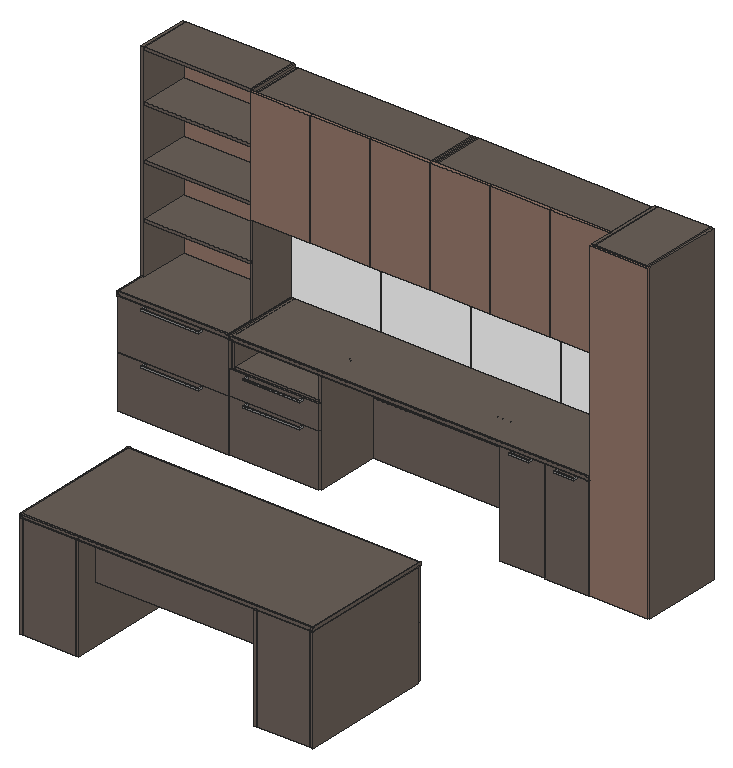
Revit family "OFS TYPICAL T100077", category Furniture, Revit 2022
Family settings
  OmniClass Number = 23.40.20.00
  OmniClass Title = General Furniture and Specialties
  Work Plane-Based = No
  Always vertical = Yes
  Cut with Voids When Loaded = No
  Render Appearance Source = Family Geometry
  Shared = No
  Room Calculation Point = No
Parameters (values of type "T100077")
  URL = "http://ofs.com/"
  Model = "T100077"
  Manufacturer = "OFS"
  Description = "OFS TYPICAL T100077"
  Default Elevation = 0' - 0"
  Copyright © = "©OFS 2024"
  Catalog = ""
  Authoring Version = "Autodesk Revit 2018"
  Assembly Code = "E2020200"
Reference planes (in)
  plane 1 "Center Front/Back": y = 0
  plane 2: z = 0
  plane 3 "Center Left/Right": x = 0
Dimensions and locks (in)
  nested 7 to plane 1 "Center Front/Back" = 9' - 0.23716"
  nested 1 to nested 4 = 8' - 0"
  aligned and locked: level to plane 2
Nested families (in)
  nested 1: "STAKS SINGLE DOOR STORAGE TOWERS" at (52.82002, 1.08365, 42.125), type "STAKS SINGLE DOOR STORAGE TOWER Right Hinged 84in"
    with Height Above Floor 3' - 6"
  nested 2: "STAKS BACK SUPPORT PANEL" at (26.53125, -4.87535, 0), type "STAKS BACK SUPPORT PANEL WITH FOLD DOWN ACCESS 54 - 30.125 X 28"
    with Width 4' - 0 1/16"
  nested 3: "STAKS BOOKCASE ORGANIZER 55H" at (-65.99248, 1.08365, 0.625), type "STAKS BOOKCASE ORGANIZER 55H 30D"
    with Height Above Floor 6' - 11 1/2"
  nested 4: "STAKS TWO-HIGH WALLMOUNT ORGANIZER WITH DOORS Three Doors" at (-26.99248, 1.08365, 0.125), type "STAKS TWO-HIGH WALLMOUNT ORGANIZER WITH DOORS Three Doors 48in W"
    with Height Above Floor 6' - 11 1/2", 2D Symbol Lines yes
  nested 5: "STAKS MODESTY PANEL - Veneer _ Wood Grain _ Frosted" at (25.88415, -101.36181, 0.625) x (-1, 0, 0) z (0, 0, 1), type "STAKS MODESTY PANEL TFL WOOD GRAIN AND TFL SOLID COLORS 47.9375-30"
  nested 6: "OFS STAKS Desk Height Media Panels - Markerboard" at (-11.9375, 0, 0), type "Desk Height Media Panel 24.5H"
    with Width 2' - 0", Total Width 2' - 0", Plus Fraction 0' - 0"
  nested 7: "STAKS BENCHING RECTANGULAR WORKSURFACES" at (-18.29608, -70.40351, 0), type "STAKS BENCHING RECTANGULAR WORKSURFACE 84 X 36"
  nested 8: "STAKS RECTANGULAR WORKSURFACES Long Grain" at (-31.49248, 1.83365, 0), type "STAKS RECTANGULAR WORKSURFACE 96 x 22"
    with Height Above Floor 2' - 5"
  nested 9: "STAKS LATERAL FILE WITH TOP Two Drawers" at (-59.91461, -20.00035, 0), type "STAKS LATERAL FILE WITH TOP Two Drawers 30in"
  nested 10: "STAKS WORKSURFACE HEIGHT PEDESTAL - BOX-BOX-FILE - NO RISER SUPPORT" at (18.04802, -88.23681, 0) x (-1, 0, 0) z (0, 0, 1), type "STAKS WORKSURFACE HEIGHT PEDESTAL - BOX-BOX-FILE - NO RISER SUPPORT 36in D"
  nested 11: "STAKS WORKSURFACE HEIGHT PEDESTAL - FILE-FILE - NO RISER SUPPORT" at (80.42352, -88.23681, 0) x (-1, 0, 0) z (0, 0, 1), type "STAKS WORKSURFACE HEIGHT PEDESTAL - FILE-FILE - NO RISER SUPPORT 36in D"
  nested 12: "STAKS WORKSURFACE HEIGHT PEDESTAL WIDE - OPEN-BOX-FILE - NO RISER SUPPORT" at (-32.97711, -20.00035, 0), type "STAKS WORKSURFACE HEIGHT PEDESTAL WIDE - OPEN-BOX-FILE - NO RISER SUPPORT 24 x 22"
  nested 13: "STAKS WORKSURFACE HEIGHT DOOR CABINET - NO RISER SUPPORT " at (39.14839, -20.00035, 0), type "STAKS WORKSURFACE HEIGHT DOOR CABINET - NO RISER SUPPORT 24 x 22"
  nested 14: "STAKS BENCHING WORKSURFACE STRAIGHTENER" at (40.60296, -14.2816, 0), type "STAKS BENCHING WORKSURFACE STRAIGHTENER 48in"
  nested 15: "STAKS TWO-HIGH WALLMOUNT ORGANIZER WITH DOORS Three Doors" at (75.11748, 1.08365, 0.125) x (-1, 0, 0) z (0, 0, 1), type "STAKS TWO-HIGH WALLMOUNT ORGANIZER WITH DOORS Three Doors 48in W"
    with Height Above Floor 6' - 11 1/2", 2D Symbol Lines yes
  nested 16: "OFS STAKS Desk Height Media Panels - Markerboard" at (12.0625, 0, 0) x (-1, 0, 0) z (0, 0, 1), type "Desk Height Media Panel 24.5H"
    with Width 2' - 0", Total Width 2' - 0", Plus Fraction 0' - 0"
  nested 17: "OFS STAKS Desk Height Media Panels - Markerboard" at (36.0625, 0, 0), type "Desk Height Media Panel 24.5H"
    with Width 2' - 0", Total Width 2' - 0", Plus Fraction 0' - 0"
  nested 18: "OFS STAKS Desk Height Media Panels - Markerboard" at (60.0625, 0, 0) x (-1, 0, 0) z (0, 0, 1), type "Desk Height Media Panel 24.5H"
    with Width 2' - 0", Total Width 2' - 0", Plus Fraction 0' - 0"
Definition of nested family "STAKS SINGLE DOOR STORAGE TOWERS"
  Parameters (values of type "STAKS SINGLE DOOR STORAGE TOWER Right Hinged 54in")
    URL = "http://www.ofs.com/"
    Right Hinged = yes
    Left Hinged = no
    Height Above Floor [instance] = 4' - 6"
    Height = 4' - 6"
    Front Doors Material = none
    Default Elevation = 0' - 0"
    Back Material = none
    Depth = 1' - 9 7/8"
    Model = "6-1654RSC1"
    Manufacturer = "OFS"
    Description = "OFS STAKS SINGLE DOOR STORAGE TOWER, Right Hinged, 54in Height, Enhance Privacy, Support Worksurfaces and Store Personal Items"
    Width = 1' - 3 5/8"
    Copyright © = "© 2018 OFS"
    Catalog = "https://ofs.com/products/casegoods/private-office/staks"
    Board Material = none
    Board Thickness = 0' - 0 3/4"
    Authoring Version = "Autodesk Revit Architecture 2013"
    Assembly Code = "E2020200"
  Types (12): name | Right Hinged | Left Hinged | Height Above Floor | Height | Model | Description
    STAKS SINGLE DOOR STORAGE TOWER Left Hinged 42in | no | yes | 3' - 6" | 3' - 6" | "6-1642LSC1" | "OFS STAKS SINGLE DOOR STORAGE TOWER, Left Hinged, 42in Height, Enhance Privacy, Support Worksurfaces and Store Personal Items"
    STAKS SINGLE DOOR STORAGE TOWER Right Hinged 42in | yes | no | 3' - 6" | 3' - 6" | "6-1642RSC1" | "OFS STAKS SINGLE DOOR STORAGE TOWER, Right Hinged, 42in Height, Enhance Privacy, Support Worksurfaces and Store Personal Items"
    STAKS SINGLE DOOR STORAGE TOWER Left Hinged 48in | no | yes | 4' - 0" | 4' - 0" | "6-1648LSC1" | "OFS STAKS SINGLE DOOR STORAGE TOWER, Left Hinged, 48in Height, Enhance Privacy, Support Worksurfaces and Store Personal Items"
    STAKS SINGLE DOOR STORAGE TOWER Left Hinged 54in | no | yes | 4' - 6" | 4' - 6" | "6-1654LSC1" | "OFS STAKS SINGLE DOOR STORAGE TOWER, Left Hinged, 54in Height, Enhance Privacy, Support Worksurfaces and Store Personal Items"
    STAKS SINGLE DOOR STORAGE TOWER Left Hinged 62.5in | no | yes | 5' - 2 1/2" | 5' - 2 1/2" | "6-1663LSC1" | "OFS STAKS SINGLE DOOR STORAGE TOWER, Left Hinged, 62.5in Height, Enhance Privacy, Support Worksurfaces and Store Personal Items"
    STAKS SINGLE DOOR STORAGE TOWER Left Hinged 72in | no | yes | 6' - 0" | 6' - 0" | "6-1672LSC1" | "OFS STAKS SINGLE DOOR STORAGE TOWER, Left Hinged, 72in Height, Enhance Privacy, Support Worksurfaces and Store Personal Items"
    STAKS SINGLE DOOR STORAGE TOWER Left Hinged 84in | no | yes | 7' - 0" | 7' - 0" | "6-1684LSC1" | "OFS STAKS SINGLE DOOR STORAGE TOWER, Left Hinged, 84in Height, Enhance Privacy, Support Worksurfaces and Store Personal Items"
    STAKS SINGLE DOOR STORAGE TOWER Right Hinged 48in | yes | no | 4' - 0" | 4' - 0" | "6-1648RSC1" | "OFS STAKS SINGLE DOOR STORAGE TOWER, Right Hinged, 48in Height, Enhance Privacy, Support Worksurfaces and Store Personal Items"
    STAKS SINGLE DOOR STORAGE TOWER Right Hinged 54in | yes | no | 4' - 6" | 4' - 6" | "6-1654RSC1" | "OFS STAKS SINGLE DOOR STORAGE TOWER, Right Hinged, 54in Height, Enhance Privacy, Support Worksurfaces and Store Personal Items"
    STAKS SINGLE DOOR STORAGE TOWER Right Hinged 62.5in | yes | no | 5' - 2 1/2" | 5' - 2 1/2" | "6-1663RSC1" | "OFS STAKS SINGLE DOOR STORAGE TOWER, Right Hinged, 62.5in Height, Enhance Privacy, Support Worksurfaces and Store Personal Items"
    STAKS SINGLE DOOR STORAGE TOWER Right Hinged 72in | yes | no | 6' - 0" | 6' - 0" | "6-1672RSC1" | "OFS STAKS SINGLE DOOR STORAGE TOWER, Right Hinged, 72in Height, Enhance Privacy, Support Worksurfaces and Store Personal Items"
    STAKS SINGLE DOOR STORAGE TOWER Right Hinged 84in | yes | no | 7' - 0" | 7' - 0" | "6-1684RSC1" | "OFS STAKS SINGLE DOOR STORAGE TOWER, Right Hinged, 84in Height, Enhance Privacy, Support Worksurfaces and Store Personal Items"
  Reference planes (in)
    plane 1: z = -0.125
    plane 2 "LEFT": x = 19.24248
    plane 3 "RIGHT": x = 34.86748
    plane 4 "BACK": y = -1.83365
    plane 5 "FRONT": y = -22.20865
    plane 6: x = 19.99248
    plane 7: x = 34.11748
    plane 8: z = -0.125
    plane 9 "SURFACE TOP": z = 53.875
    plane 10: z = 0.625
    plane 11: x = 27.05498
    plane 12: z = 53.125
    plane 13: y = -12.02115
    plane 14: y = -11.64615
    plane 15: y = -12.39615
    plane 16: x = 27.42998
    plane 17: x = 26.67998
    plane 18: y = -1.08365
    plane 19: y = -22.95865
    plane 20: x = 34.80498
    plane 21: x = 19.30498
    plane 22: x = 27.08623
    plane 23: x = 27.02373
    plane 24: z = 0.125
    plane 25: z = 53.8125
  Forms (in)
    Extrusion 1, solid, material <- "Board Material"
      sketch origin (0, 0, 53.875) x (0, 1, 0) y (-1, 0, 0)
        loop
          line (-1.83365, -19.99248) -> (-22.20865, -19.99248) -> (-22.20865, -34.11748) -> (-1.83365, -34.11748) -> (-1.83365, -19.99248)
      from -53.25 to -54
    Extrusion 2, solid, material <- "Board Material"
      sketch origin (0, 0, 53.875) x (0, 1, 0) y (-1, 0, 0)
        loop
          line (-1.08365, -19.99248) -> (-1.08365, -19.24248) -> (-22.20865, -19.24248) -> (-22.20865, -19.99248) -> (-1.08365, -19.99248)
        loop
          line (-1.08365, -34.86748) -> (-1.08365, -34.11748) -> (-22.20865, -34.11748) -> (-22.20865, -34.86748) -> (-1.08365, -34.86748)
      from 0 to -54
    Extrusion 3, solid, material <- "Board Material"
      sketch origin (0, 0, 27.375) x (0, 1, 0) y (-1, 0, 0)
        loop
          line (-1.08365, -19.99248) -> (-22.20865, -19.99248) -> (-22.20865, -34.11748) -> (-1.08365, -34.11748) -> (-1.08365, -19.99248)
      from 26.5 to 25.75
    Extrusion 4, solid, material <- "Back Material"
      sketch origin (30.99601, 21.63396, 53.875) x (0, 1, 0) y (-1, 0, 0)
        loop
          line (-22.71762, 11.00353) -> (-23.46762, 11.00353) -> (-23.46762, -3.12147) -> (-22.71762, -3.12147) -> (-22.71762, 11.00353)
      from -0.75 to -54
    Extrusion 5, solid, material <- "Front Doors Material"
      sketch origin (38.64087, -10.89295, 53.875) x (0, 1, 0) y (-1, 0, 0)
        loop
          line (-11.3157, 3.83589) -> (-11.3157, 19.33589) -> (-12.0657, 19.33589) -> (-12.0657, 3.83589) -> (-11.3157, 3.83589)
      from -0.0625 to -53.75
  Lines and regions (in)
    symbolic lines, visible <- "Left Hinged"
      curve 1: arc (34.80498, -22.95865, 53.875) -> (34.63214, -25.26693, 53.875) -> (34.11748, -27.52372, 53.875) r 15.5
      curve 2: line (19.30498, -22.95865, 53.875) -> (34.11748, -27.52372, 53.875)
    symbolic lines, visible <- "Right Hinged"
      curve 3: arc (19.30498, -22.95865, 53.875) -> (19.47782, -25.26693, 53.875) -> (19.99248, -27.52372, 53.875) r 15.5
      curve 4: line (34.80498, -22.95865, 53.875) -> (19.99248, -27.52372, 53.875)
  Dimensions and locks (in)
    "Width": plane 2 "LEFT" to plane 3 "RIGHT"
    "Height": plane 9 "SURFACE TOP" to plane 8
    "Board Thickness": plane 2 "LEFT" to plane 6
    "Board Thickness": plane 7 to plane 3 "RIGHT"
    "Height Above Floor": plane 9 "SURFACE TOP" to level
    "Board Thickness": plane 10 to plane 8
    equal spacing: plane 2 "LEFT", plane 11, plane 3 "RIGHT"
    "Board Thickness": plane 9 "SURFACE TOP" to plane 12
    equal spacing: plane 4 "BACK", plane 13, plane 5 "FRONT"
    equal spacing: plane 14, plane 13, plane 15
    "Board Thickness": plane 14 to plane 15
    equal spacing: plane 17, plane 11, plane 16
    "Board Thickness": plane 17 to plane 16
    "Depth": plane 18 to plane 19
    "Board Thickness": plane 18 to plane 4 "BACK"
    "Board Thickness": plane 5 "FRONT" to plane 19
    locked: plane 20 to plane 3 "RIGHT" at 0.0625
    locked: plane 2 "LEFT" to plane 21 at 0.0625
    plane 23 to plane 11 to plane 22 = 0' - 0 1/32" locked, 0' - 0 1/32" locked
    locked: plane 24 to plane 8 at 0.25
    locked: plane 9 "SURFACE TOP" to plane 25 at 0.0625
    aligned: level to plane 1
    aligned and locked: Extrusion 1 sketch curve to plane 4 "BACK"
    aligned and locked: Extrusion 1 sketch curve to plane 6
    aligned and locked: plane 5 "FRONT" to Extrusion 1 sketch curve
    aligned and locked: Extrusion 1 sketch curve to plane 7
    aligned and locked: Extrusion 1 to plane 8
    aligned and locked: plane 10 to Extrusion 1
    aligned and locked: Extrusion 2 sketch curve to Extrusion 1  (x2)
    aligned and locked: Extrusion 2 sketch curve to plane 5 "FRONT"
    aligned and locked: Extrusion 2 sketch curve to plane 2 "LEFT"
    aligned and locked: Extrusion 2 sketch curve to plane 3 "RIGHT"
    aligned and locked: Extrusion 1 to Extrusion 2 sketch curve
    aligned and locked: plane 9 "SURFACE TOP" to Extrusion 3
    aligned and locked: Extrusion 3 to plane 12
    aligned and locked: Extrusion 3 to plane 5 "FRONT"
    aligned and locked: Extrusion 3 to plane 6
    aligned and locked: Extrusion 3 to plane 7
    aligned and locked: Extrusion 4 to plane 4 "BACK"
    aligned and locked: plane 18 to Extrusion 4
    aligned and locked: plane 5 "FRONT" to Extrusion 5
    aligned and locked: Extrusion 5 to plane 19
    aligned and locked: Extrusion 2 to plane 18  (x2)
    aligned and locked: Extrusion 3 to plane 18
    aligned and locked: plane 12 to Extrusion 4
    aligned and locked: Extrusion 5 to plane 24
    aligned and locked: Extrusion 4 to plane 6
    aligned and locked: plane 7 to Extrusion 4
    aligned and locked: Extrusion 4 to plane 8
    aligned and locked: plane 21 to Extrusion 5
    aligned and locked: plane 25 to Extrusion 5
    aligned and locked: Extrusion 2 to plane 8
    aligned and locked: plane 20 to Extrusion 5
  Automatic sketch dimensions
    Extrusion 2 sketch curve to plane 18 = 0' - 0"  (x2)
    Extrusion 3 sketch curve to plane 5 "FRONT" = 0' - 0"
    Extrusion 3 sketch curve to plane 6 = 0' - 0"
    Extrusion 3 sketch curve to plane 18 = 0' - 0"
    Extrusion 3 sketch curve to plane 7 = 0' - 0"
    Extrusion 4 sketch curve to plane 4 "BACK" = 0' - 0"
    Extrusion 4 sketch curve to plane 6 = 0' - 0"
    Extrusion 4 sketch curve to plane 18 = 0' - 0"
    Extrusion 4 sketch curve to plane 7 = 0' - 0"
    curve 4 to plane 6 = 0' - 0"
    curve 2 to plane 7 = 0' - 0"
    curve 2 to plane 19 = 0' - 0"
    curve 4 to plane 19 = 0' - 0"
    curve 4 to plane 20 = 0' - 0"
    curve 2 to plane 21 = 0' - 0"
    curve 3 to plane 20 = 0' - 0"
    curve 1 to plane 21 = 0' - 0"
    Extrusion 5 sketch curve to plane 19 = 0' - 0"
    Extrusion 5 sketch curve to plane 5 "FRONT" = 0' - 0"
    Extrusion 5 sketch curve to plane 21 = 0' - 0"
    Extrusion 5 sketch curve to plane 20 = 0' - 0"
Definition of nested family "STAKS BACK SUPPORT PANEL"
  Parameters (values of type "STAKS BACK SUPPORT PANEL WITH FOLD DOWN ACCESS 30 - 12 X 28")
    URL = "http://www.ofs.com"
    Width [instance] = 2' - 6"
    Model = "6-28MFBD"
    Manufacturer = "OFS"
    FULL PANEL 21 = no
    FULL PANEL = no
    FOLD DOWN 54.125+ = no
    FOLD DOWN 54- = yes
    Description = "OFS STAKS BACK SUPPORT PANEL WITH FOLD DOWN ACCESS 30 - 12 X 28, Provides Support for Worksurface and Easy Access to Power and Data"
    Default Elevation = 0' - 0"
    Copyright © = "©OFS 2018"
    Catalog = "https://ofs.com/products/casegoods/private-office/staks"
    Authoring Version = "Autodesk Revit Architecture 2013"
    Assembly Code = "E2020200"
  Types (12): name | Width | Model | FULL PANEL 21 | FULL PANEL | FOLD DOWN 54.125+ | FOLD DOWN 54- | Description
    STAKS BACK SUPPORT PANEL 94 - 78.125 X 28 | 7' - 10" | "6-28MCBA" | no | yes | no | no | "OFS STAKS BACK SUPPORT PANEL 94 - 78.125 X 28, Provides Support for Worksurface"
    STAKS BACK SUPPORT PANEL 78 - 54.125 X 28 | 6' - 6" | "6-28MCBB" | no | yes | no | no | "OFS STAKS BACK SUPPORT PANEL 78 - 54.125 X 28, Provides Support for Worksurface"
    STAKS BACK SUPPORT PANEL 54 - 30.125 X 28 | 4' - 6" | "6-28MCBC" | no | yes | no | no | "OFS STAKS BACK SUPPORT PANEL 54 - 30.125 X 28, Provides Support for Worksurface"
    STAKS BACK SUPPORT PANEL 30 - 12 X 28 | 2' - 6" | "6-28MCBD" | no | yes | no | no | "OFS STAKS BACK SUPPORT PANEL 30 - 12 X 28, Provides Support for Worksurface"
    STAKS BACK SUPPORT PANEL WITH FOLD DOWN ACCESS 94 - 78.125 X 28 | 7' - 10" | "6-28MFBA" | no | no | yes | no | "OFS STAKS BACK SUPPORT PANEL WITH FOLD DOWN ACCESS 94 - 78.125 X 28, Provides Support for Worksurface and Easy Access to Power and Data"
    STAKS BACK SUPPORT PANEL WITH FOLD DOWN ACCESS 78 - 54.125 X 28 | 6' - 6" | "6-28MFBB" | no | no | yes | no | "OFS STAKS BACK SUPPORT PANEL WITH FOLD DOWN ACCESS 78 - 54.125 X 28, Provides Support for Worksurface and Easy Access to Power and Data"
    STAKS BACK SUPPORT PANEL WITH FOLD DOWN ACCESS 54 - 30.125 X 28 | 4' - 6" | "6-28MFBC" | no | no | no | yes | "OFS STAKS BACK SUPPORT PANEL WITH FOLD DOWN ACCESS 54 - 30.125 X 28, Provides Support for Worksurface and Easy Access to Power and Data"
    STAKS BACK SUPPORT PANEL WITH FOLD DOWN ACCESS 30 - 12 X 28 | 2' - 6" | "6-28MFBD" | no | no | no | yes | "OFS STAKS BACK SUPPORT PANEL WITH FOLD DOWN ACCESS 30 - 12 X 28, Provides Support for Worksurface and Easy Access to Power and Data"
    STAKS BACK SUPPORT PANEL 30 - 12 X 21 | 2' - 6" | "6-21MCBD" | yes | no | no | no | "OFS STAKS BACK SUPPORT PANEL 30 - 12 X 21, Provides Support for Worksurface"
    STAKS BACK SUPPORT PANEL 54 - 30.125 X 21 | 4' - 6" | "6-21MCBC" | yes | no | no | no | "OFS STAKS BACK SUPPORT PANEL 54 - 30.125 X 21, Provides Support for Worksurface"
    STAKS BACK SUPPORT PANEL 78 - 54.125 X 21 | 6' - 6" | "6-21MCBB" | yes | no | no | no | "OFS STAKS BACK SUPPORT PANEL 78 - 54.125 X 21, Provides Support for Worksurface"
    STAKS BACK SUPPORT PANEL 94 - 78.125 X 21 | 7' - 10" | "6-21MCBA" | yes | no | no | no | "OFS STAKS BACK SUPPORT PANEL 94 - 78.125 X 21, Provides Support for Worksurface"
  Reference planes (in)
    plane 1: z = 0
    plane 2 "Back": y = 1.62535
    plane 3 "PANEL Top": z = 27.375
    plane 4 "RIGHT": x = -2.5
    plane 5: y = 0.62535
    plane 6: x = 12.5
    plane 7: x = -17.5
    plane 8: z = 27.25
    plane 9: y = 0.87535
    plane 10: x = -16.75
    plane 11: x = 11.75
    plane 12: x = -2.4375
    plane 13: x = -2.5625
    plane 14: z = 20.375
    plane 15: z = 20.25
  Forms (in)
    Extrusion 1, solid, visible <- "FULL PANEL"
      sketch origin (-5.5, 5, -0.18015) x (0, 1, 0) y (0, 0, 1)
        loop
          line (-4.37465, 27.43015) -> (-4.37465, 0.18015) -> (-3.37465, 0.18015) -> (-3.37465, 27.43015) -> (-4.37465, 27.43015)
      from -12 to 18
    Extrusion 2, solid, visible <- "FULL PANEL"
      sketch origin (0, 0, 27.375) x (-1, 0, 0) y (0, -1, 0)
        loop
          line (17.5, -1.50035) -> (17.5, -0.62535) -> (-12.5, -0.62535) -> (-12.5, -1.50035) -> (17.5, -1.50035)
      from -0.125 to 0
    Extrusion 3, solid, visible <- "FOLD DOWN 54-"
      sketch origin (-5.5, 3.5, -0.18015) x (0, 1, 0) y (0, 0, 1)
        loop
          line (-2.62465, 14.68015) -> (-2.62465, 0.18015) -> (-1.87465, 0.18015) -> (-1.87465, 14.68015) -> (-2.62465, 14.68015)
      from -12 to 18
    Extrusion 4, solid, visible <- "FOLD DOWN 54-"
      sketch origin (0, 0, 27.375) x (-1, 0, 0) y (0, -1, 0)
        loop
          line (17.5, -1.62535) -> (16.75, -1.62535) -> (16.75, -4.87535) -> (17.5, -4.87535) -> (17.5, -1.62535)
      from -27.375 to 0
    Extrusion 5, solid, visible <- "FOLD DOWN 54-"
      sketch origin (19.75, 0, 27.375) x (-1, 0, 0) y (0, -1, 0)
        loop
          line (8, -1.62535) -> (7.25, -1.62535) -> (7.25, -4.87535) -> (8, -4.87535) -> (8, -1.62535)
      from -27.375 to 0
    Extrusion 6, solid, visible <- "FOLD DOWN 54-"
      sketch origin (-5.5, 3.5, 14.94485) x (0, 1, 0) y (0, 0, 1)
        loop
          line (-2.62465, 11.86765) -> (-2.62465, -0.31866) -> (-1.87465, -0.31866) -> (-1.87465, 11.86765) -> (-2.62465, 11.86765)
      from -12 to 18
    Extrusion 7, solid, visible <- "FOLD DOWN 54-"
      sketch origin (-12, 0, 0) x (0, 1, 0) y (0, 0, 1)
        loop
          line (3.06285, 23.8125) -> (3.06285, 21.3125) -> (3.81285, 21.3125) -> (3.81285, 23.8125) -> (3.06285, 23.8125)
      from -4.75 to 23.75
    Extrusion 8, solid, visible <- "FOLD DOWN 54.125+"
      sketch origin (31.33195, -1.24965, 0) x (1, 0, 0) y (0, 0, 1)
        loop
          line (-33.34745, 27.375) -> (-34.97245, 27.375)
          arc (-34.97245, 27.375) -> (-35.10503, 27.32008) -> (-35.15995, 27.1875) r 0.1875
          line (-35.15995, 27.1875) -> (-35.15995, 26.4375) -> (-34.68651, 23.65604)
          arc (-34.68651, 23.65604) -> (-34.62261, 23.54423) -> (-34.50166, 23.5) r 0.1875
          line (-34.50166, 23.5) -> (-33.81823, 23.5)
          arc (-33.81823, 23.5) -> (-33.69728, 23.54423) -> (-33.63339, 23.65604) r 0.1875
          line (-33.63339, 23.65604) -> (-33.15995, 26.4375) -> (-33.15995, 27.1875)
          arc (-33.15995, 27.1875) -> (-33.21486, 27.32008) -> (-33.34745, 27.375) r 0.1875
      from -5.375 to -5.281
    Extrusion 9, solid, visible <- "FOLD DOWN 54.125+"
      sketch origin (31.33195, 0, 27.375) x (-1, 0, 0) y (0, -1, 0)
        loop
          line (33.78495, -4.03135) -> (34.53495, -4.03135) -> (34.53495, 8.71865) -> (33.78495, 8.71865) -> (33.78495, -4.03135)
      from -0.094 to 0
    Extrusion 10, solid, visible <- "FOLD DOWN 54.125+"
      sketch origin (-2.547, 5.375, 0) x (0, 1, 0) y (0, 0, 1)
        loop
          line (-14.09365, 27.281) -> (-14.09365, 26.95909)
          arc (-14.09365, 26.95909) -> (-14.0421, 26.82996) -> (-13.9158, 26.77184) r 0.1875
          line (-13.9158, 26.77184) -> (-2.68889, 26.19362) -> (-1.84365, 24.381) -> (-1.34365, 24.381) -> (-1.34365, 27.281) -> (-14.09365, 27.281)
      from 0 to 0.094
    Extrusion 11, solid, visible <- "FOLD DOWN 54.125+"
      sketch origin (0.75035, 21.62535, 27.375) x (0, -1, 0) y (1, 0, 0)
        loop
          line (17.5, -1.62535) -> (16.75, -1.62535) -> (16.75, -4.87535) -> (17.5, -4.87535) -> (17.5, -1.62535)
      from -27.375 to 0
    Extrusion 12, solid, visible <- "FOLD DOWN 54.125+"
      sketch origin (-12, -1, 0) x (0, 1, 0) y (0, 0, 1)
        loop
          line (4.06285, 23.8125) -> (4.06285, 21.3125) -> (4.81285, 21.3125) -> (4.81285, 23.8125) -> (4.06285, 23.8125)
      from -4.75 to 23.75
    Extrusion 13, solid, visible <- "FOLD DOWN 54.125+"
      sketch origin (3, -1, 0) x (0, 1, 0) y (0, 0, 1)
        loop
          line (4.06285, 23.8125) -> (4.06285, 21.3125) -> (4.81285, 21.3125) -> (4.81285, 23.8125) -> (4.06285, 23.8125)
      from -5.125 to 8.75
    Extrusion 14, solid, visible <- "FOLD DOWN 54.125+"
      sketch origin (14.625, 0, 15.375) x (-1, 0, 0) y (0, -1, 0)
        loop
          line (17.5, -1.62535) -> (16.75, -1.62535) -> (16.75, -4.12535) -> (17.5, -4.12535) -> (17.5, -1.62535)
      from -15.375 to -2
    Extrusion 15, solid, visible <- "FOLD DOWN 54.125+"
      sketch origin (-5.5, 2.25, 14.94485) x (0, 1, 0) y (0, 0, 1)
        loop
          line (-1.37465, 11.86765) -> (-1.37465, -0.31866) -> (-0.62465, -0.31866) -> (-0.62465, 11.86765) -> (-1.37465, 11.86765)
      from 3.0625 to 18
    Extrusion 16, solid, visible <- "FOLD DOWN 54.125+"
      sketch origin (-21.5, 2.25, 14.94485) x (0, 1, 0) y (0, 0, 1)
        loop
          line (-1.37465, 11.86765) -> (-1.37465, -0.31866) -> (-0.62465, -0.31866) -> (-0.62465, 11.86765) -> (-1.37465, 11.86765)
      from 4 to 18.9375
    Extrusion 17, solid, visible <- "FOLD DOWN 54.125+"
      sketch origin (-5.5, -3.75, -0.18015) x (0, 1, 0) y (0, 0, 1)
        loop
          line (4.62535, 14.68015) -> (4.62535, 0.18015) -> (5.37535, 0.18015) -> (5.37535, 14.68015) -> (4.62535, 14.68015)
      from -12 to 18
    Extrusion 18, solid, visible <- "FOLD DOWN 54.125+"
      sketch origin (23.42705, 0, 27.375) x (-1, 0, 0) y (0, -1, 0)
        loop
          line (11.67705, -1.62535) -> (10.92705, -1.62535) -> (10.92705, -4.87535) -> (11.67705, -4.87535) -> (11.67705, -1.62535)
      from -27.375 to 0
    Extrusion 19, solid, visible <- "FOLD DOWN 54.125+"
      sketch origin (2.62389, 0, 27.375) x (-1, 0, 0) y (0, -1, 0)
        loop
          line (20.12389, -1.62535) -> (19.37389, -1.62535) -> (19.37389, -4.87535) -> (20.12389, -4.87535) -> (20.12389, -1.62535)
      from -27.375 to 0
    Extrusion 20, solid, visible <- "FOLD DOWN 54.125+"
      sketch origin (0, 0, 27.375) x (-1, 0, 0) y (0, -1, 0)
        loop
          line (2.875, -1.62535) -> (2.125, -1.62535) -> (2.125, -3.12535) -> (2.875, -3.12535) -> (2.875, -1.62535)
      from -14 to -12
    Extrusion 21, solid, visible <- "FOLD DOWN 54.125+"
      sketch origin (0, 0, 27.375) x (-1, 0, 0) y (0, -1, 0)
        loop
          line (2.125, -4.12535) -> (2.875, -4.12535) -> (2.875, -1.62535) -> (2.125, -1.62535) -> (2.125, -4.12535)
      from -12 to -3.5625
    Extrusion 22, solid, visible <- "FULL PANEL 21"
      sketch origin (-5.5, 5, -0.18015) x (0, 1, 0) y (0, 0, 1)
        loop
          line (-4.37465, 20.43015) -> (-4.37465, 0.18015) -> (-3.37465, 0.18015) -> (-3.37465, 20.43015) -> (-4.37465, 20.43015)
      from -12 to 18
    Extrusion 23, solid, visible <- "FULL PANEL 21"
      sketch origin (0, 0, 27.375) x (-1, 0, 0) y (0, -1, 0)
        loop
          line (17.5, -1.50035) -> (17.5, -0.62535) -> (-12.5, -0.62535) -> (-12.5, -1.50035) -> (17.5, -1.50035)
      from -7.125 to -7
  Cuts and joins
    joined: Extrusion 9, Extrusion 10
    joined: Extrusion 14, Extrusion 20, Extrusion 21
  Lines and regions (in)
    Masking region 1, visible <- "FULL PANEL"
      outline origin (-5.5, 0, 0) x (1, 0, 0) y (0, 1, 0)
        loop
          line (-12, 1.62535) -> (-12, 0.62535) -> (18, 0.62535) -> (18, 1.62535) -> (-12, 1.62535)
    Masking region 2, visible <- "FOLD DOWN 54-"
      outline origin (-5.5, -2.25, 0) x (1, 0, 0) y (0, 1, 0)
        loop
          line (-12, 3.87535) -> (-12, 3.12535) -> (18, 3.12535) -> (18, 3.87535) -> (-12, 3.87535)
    Masking region 3, visible <- "FOLD DOWN 54-"
      outline origin (0, 0, 27.375) x (-1, 0, 0) y (0, -1, 0)
        loop
          line (17.5, -1.62535) -> (16.75, -1.62535) -> (16.75, -4.87535) -> (17.5, -4.87535) -> (17.5, -1.62535)
    Masking region 4, visible <- "FOLD DOWN 54-"
      outline origin (0, 0, 27.375) x (-1, 0, 0) y (0, -1, 0)
        loop
          line (-11.75, -1.62535) -> (-12.5, -1.62535) -> (-12.5, -4.87535) -> (-11.75, -4.87535) -> (-11.75, -1.62535)
    Masking region 5, visible <- "FOLD DOWN 54-"
      outline origin (0, 0, 27.375) x (-1, 0, 0) y (0, -1, 0)
        loop
          line (16.75, -3.81285) -> (16.75, -3.06285) -> (-11.75, -3.06285) -> (-11.75, -3.81285) -> (16.75, -3.81285)
    Masking region 6, visible <- "FOLD DOWN 54.125+"
      outline origin (0.75035, 21.62535, 27.375) x (0, -1, 0) y (1, 0, 0)
        loop
          line (17.5, -1.62535) -> (16.75, -1.62535) -> (16.75, -4.87535) -> (17.5, -4.87535) -> (17.5, -1.62535)
    Masking region 7, visible <- "FOLD DOWN 54.125+"
      outline origin (0, -1, 27.375) x (-1, 0, 0) y (0, -1, 0)
        loop
          line (16.75, -4.81285) -> (16.75, -4.06285) -> (3.203, -4.06285) -> (3.203, -4.81285) -> (16.75, -4.81285)
    Masking region 8, visible <- "FOLD DOWN 54.125+"
      outline origin (15, -1, 27.375) x (-1, 0, 0) y (0, -1, 0)
        loop
          line (17.125, -4.81285) -> (17.125, -4.06285) -> (3.25, -4.06285) -> (3.25, -4.81285) -> (17.125, -4.81285)
    Masking region 9, visible <- "FOLD DOWN 54.125+"
      outline origin (3.67705, 0, 27.375) x (-1, 0, 0) y (0, -1, 0)
        loop
          line (-8.07295, -1.62535) -> (-8.82295, -1.62535) -> (-8.82295, -4.87535) -> (-8.07295, -4.87535) -> (-8.07295, -1.62535)
    Masking region 10, visible <- "FOLD DOWN 54.125+"
      outline origin (1.37389, 0, 27.375) x (-1, 0, 0) y (0, -1, 0)
        loop
          line (18.87389, -1.62535) -> (18.12389, -1.62535) -> (18.12389, -4.87535) -> (18.87389, -4.87535) -> (18.87389, -1.62535)
    Masking region 11, visible <- "FOLD DOWN 54.125+"
      outline origin (0, 0, 27.375) x (-1, 0, 0) y (0, -1, 0)
        loop
          line (2.125, -4.12535) -> (2.453, -4.12535) -> (2.453, -1.62535) -> (2.125, -1.62535) -> (2.125, -4.12535)
    Masking region 12, visible <- "FOLD DOWN 54.125+"
      outline origin (0, 0, 27.375) x (-1, 0, 0) y (0, -1, 0)
        loop
          line (3.828, -4.12535) -> (3.828, -4.03135) -> (3.203, -4.03135) -> (3.203, 8.71865) -> (2.453, 8.71865) -> (2.453, -4.03135) -> (1.828, -4.03135) -> (1.828, -4.12535) -> (3.828, -4.12535)
    Masking region 13, visible <- "FOLD DOWN 54.125+"
      outline origin (-5.5, -10.25, 0) x (1, 0, 0) y (0, 1, 0)
        loop
          line (-12, 11.87535) -> (-12, 11.12535) -> (18, 11.12535) -> (18, 11.87535) -> (-12, 11.87535)
  Dimensions and locks (in)
    locked: plane 3 "PANEL Top" to plane 1 at 27.375
    locked: plane 5 to plane 2 "Back" at 1
    equal spacing: plane 7, plane 4 "RIGHT", plane 6
    "Width": plane 7 to plane 6
    locked: plane 9 to plane 2 "Back" at 0.75
    locked: plane 2 "Back" to Extrusion 4 at 3.25
    locked: Extrusion 3 to plane 1 at 14.5
    locked: Extrusion 6 to Extrusion 3 at 0.12619
    locked: Extrusion 6 to Extrusion 6 at 12.18631
    locked: plane 7 to plane 10 at 0.75
    locked: plane 11 to plane 6 at 0.75
    locked: plane 3 "PANEL Top" to Extrusion 7 at 3.5625
    locked: Extrusion 7 to Extrusion 7 at 0.75
    locked: Extrusion 4 to Extrusion 7 at 1.0625
    Extrusion 11 to plane 4 "RIGHT" to Extrusion 11 = 0' - 1 5/8" locked, 0' - 1 5/8" locked
    locked: Extrusion 12 to Extrusion 12 at 0.75
    locked: Extrusion 13 to Extrusion 13 at 0.75
    locked: plane 13 to plane 4 "RIGHT" at 0.0625
    locked: plane 4 "RIGHT" to plane 12 at 0.0625
    locked: Extrusion 16 to Extrusion 16 at 12.18631
    locked: Extrusion 8 to Extrusion 8 at 0.094
    locked: Extrusion 11 to Extrusion 8 at 0.297
    locked: Extrusion 8 to Extrusion 11 at 0.953
    cut or joined group of Extrusion 9, Extrusion 10 to plane 4 "RIGHT" to cut or joined group of Extrusion 9, Extrusion 10 = 0' - 0.047" locked, 0' - 0.047" locked
    locked: cut or joined group of Extrusion 9, Extrusion 10 to cut or joined group of Extrusion 9, Extrusion 10 at 0.75
    Extrusion 14 to plane 4 "RIGHT" to Extrusion 14 = 0' - 0 3/8" locked, 0' - 0 3/8" locked
    locked: cut or joined group of Extrusion 9, Extrusion 10 to Extrusion 8 at 12.75
    plane 7 to plane 4 "RIGHT" to plane 6 = 1' - 3", 1' - 3"
    aligned and locked: level to plane 1
    aligned and locked: plane 5 to Extrusion 1
    aligned and locked: plane 5 to Masking region 1
    aligned and locked: Masking region 1 to plane 2 "Back"
    aligned and locked: Extrusion 1 to plane 2 "Back"
    aligned and locked: plane 6 to Masking region 1
    aligned and locked: plane 6 to Extrusion 1
    aligned and locked: Extrusion 1 to plane 7
    aligned and locked: Masking region 1 to plane 7
    aligned: plane 3 "PANEL Top" to Extrusion 1
    aligned and locked: plane 8 to Extrusion 1
    aligned and locked: Extrusion 2 to plane 8
    aligned and locked: plane 3 "PANEL Top" to Extrusion 2
    aligned and locked: plane 5 to Extrusion 2 sketch curve
    aligned and locked: plane 6 to Extrusion 2 sketch curve
    aligned and locked: Extrusion 2 sketch curve to plane 7
    aligned and locked: Extrusion 3 to plane 7
    aligned and locked: Masking region 2 to plane 7
    aligned and locked: plane 6 to Extrusion 3
    aligned and locked: plane 6 to Masking region 2
    aligned and locked: Extrusion 3 to plane 2 "Back"
    aligned and locked: plane 9 to Extrusion 3
    aligned and locked: Masking region 2 to plane 2 "Back"
    aligned and locked: plane 9 to Masking region 2
    aligned and locked: plane 10 to Extrusion 4 sketch curve
    aligned and locked: Extrusion 4 sketch curve to plane 7
    aligned and locked: plane 2 "Back" to Extrusion 4
    aligned and locked: plane 2 "Back" to Extrusion 5
    aligned and locked: plane 6 to Extrusion 5 sketch curve
    aligned and locked: Extrusion 5 sketch curve to plane 11
    aligned and locked: plane 2 "Back" to Extrusion 5 sketch curve
    aligned and locked: Extrusion 5 sketch curve to Extrusion 4
    aligned and locked: Extrusion 4 to plane 1
    aligned and locked: plane 3 "PANEL Top" to Extrusion 4
    aligned and locked: Extrusion 5 to plane 1
    aligned and locked: plane 3 "PANEL Top" to Extrusion 5
    aligned and locked: Extrusion 6 to plane 7
    aligned and locked: plane 6 to Extrusion 6
    aligned and locked: Extrusion 7 to plane 10
    aligned and locked: plane 11 to Extrusion 7
    aligned and locked: Extrusion 9 sketch curve to Extrusion 8
    aligned and locked: plane 3 "PANEL Top" to Extrusion 9
    aligned and locked: Extrusion 10 to Extrusion 9
    aligned and locked: Extrusion 12 to plane 10
    aligned and locked: plane 10 to Extrusion 12
    aligned and locked: Extrusion 12 to Extrusion 7
    aligned and locked: Extrusion 12 to Masking region 7
    aligned and locked: Masking region 7 to Extrusion 12
    aligned and locked: plane 11 to Extrusion 13
    aligned and locked: plane 11 to Masking region 8
    aligned and locked: Extrusion 13 to Extrusion 7
    aligned and locked: Extrusion 13 to Masking region 8
    aligned and locked: Masking region 8 to Extrusion 13
    aligned and locked: Extrusion 14 to Extrusion 11
    aligned and locked: plane 2 "Back" to Extrusion 14
    aligned and locked: Extrusion 14 to plane 1
    aligned and locked: plane 6 to Extrusion 15
    aligned and locked: Extrusion 15 to plane 12
    aligned and locked: plane 13 to Extrusion 16
    aligned and locked: Extrusion 16 to plane 7
    aligned and locked: Extrusion 16 to plane 2 "Back"
    aligned and locked: Extrusion 15 to plane 2 "Back"
    aligned and locked: plane 9 to Extrusion 16
    aligned and locked: plane 9 to Extrusion 15
    aligned and locked: Extrusion 17 to plane 7
    aligned and locked: plane 6 to Extrusion 17
    aligned and locked: Extrusion 17 to plane 2 "Back"
    aligned and locked: plane 9 to Extrusion 17
    aligned and locked: plane 2 "Back" to Extrusion 18  (x2)
    aligned and locked: plane 2 "Back" to Masking region 9
    aligned and locked: Extrusion 18 to plane 11
    aligned and locked: Masking region 9 to plane 11
    aligned and locked: plane 6 to Extrusion 18
    aligned and locked: plane 6 to Masking region 9
    aligned and locked: Extrusion 6 to plane 2 "Back"
    aligned and locked: plane 2 "Back" to Extrusion 19
    aligned and locked: Masking region 10 to plane 7
    aligned and locked: plane 10 to Masking region 10
    aligned and locked: Extrusion 19 to plane 7
    aligned and locked: plane 10 to Extrusion 19
    aligned and locked: Extrusion 8 to Extrusion 11
    aligned: cut or joined group of Extrusion 9, Extrusion 10 to cut or joined group of Extrusion 9, Extrusion 10
    aligned and locked: Extrusion 15 to Extrusion 16
    aligned and locked: Extrusion 16 to Extrusion 15
    aligned and locked: Extrusion 20 to Extrusion 14
    aligned and locked: Extrusion 21 to Extrusion 20
    aligned and locked: Extrusion 21 to Extrusion 12
    aligned and locked: Masking region 11 to cut or joined group of Extrusion 9, Extrusion 10
    aligned and locked: Extrusion 13 to cut or joined group of Extrusion 14, Extrusion 20, Extrusion 21
    aligned and locked: plane 11 to Extrusion 12
    aligned and locked: cut or joined group of Extrusion 14, Extrusion 20, Extrusion 21 to cut or joined group of Extrusion 14, Extrusion 20, Extrusion 21  (x2)
    aligned and locked: Masking region 13 to plane 7
    aligned and locked: plane 6 to Masking region 13
    aligned and locked: Masking region 13 to plane 2 "Back"
    aligned and locked: plane 9 to Masking region 13
    aligned and locked: Masking region 8 to Masking region 11
    aligned and locked: Masking region 7 to Masking region 12
    aligned and locked: plane 15 to Extrusion 22
    aligned and locked: Extrusion 23 to plane 15
    aligned and locked: plane 14 to Extrusion 23
  Automatic sketch dimensions
    Extrusion 1 sketch curve to plane 5 = 0' - 0"
    Extrusion 1 sketch curve to level = 0' - 0"
    Extrusion 1 sketch curve to plane 2 "Back" = 0' - 0"
    Extrusion 1 sketch curve to plane 8 = 0' - 0"
    plane 5 to Masking region 1 sketch curve = 0' - 0"
    Masking region 1 sketch curve to plane 7 = 0' - 0"
    plane 2 "Back" to Masking region 1 sketch curve = 0' - 0"
    Masking region 1 sketch curve to plane 6 = 0' - 0"
    plane 2 "Back" to Extrusion 2 sketch curve = 0' - 0 1/8"
    Masking region 2 sketch curve to plane 7 = 0' - 0"
    plane 2 "Back" to Masking region 2 sketch curve = 0' - 0"
    Masking region 2 sketch curve to plane 6 = 0' - 0"
    plane 9 to Masking region 2 sketch curve = 0' - 0"
    Extrusion 3 sketch curve to plane 9 = 0' - 0"
    Extrusion 3 sketch curve to level = 0' - 0"
    Extrusion 3 sketch curve to plane 2 "Back" = 0' - 0"
    Extrusion 3 sketch curve to plane 8 = 1' - 0 3/4"
    plane 2 "Back" to Extrusion 4 sketch curve = 0' - 0"
    Extrusion 4 sketch curve to Extrusion 4 sketch curve = 0' - 3 1/4"
    Extrusion 6 sketch curve to plane 9 = 0' - 0"
    Extrusion 6 sketch curve to plane 2 "Back" = 0' - 0"
    Extrusion 6 sketch curve to plane 8 = 1' - 0.62381"
    Extrusion 6 sketch curve to plane 8 = 0' - 0 7/16"
    plane 2 "Back" to Masking region 3 sketch curve = 0' - 0"
    Masking region 3 sketch curve to plane 10 = 0' - 0"
    Masking region 3 sketch curve to plane 7 = 0' - 0"
    Masking region 3 sketch curve to Masking region 3 sketch curve = 0' - 3 1/4"
    plane 2 "Back" to Masking region 4 sketch curve = 0' - 0"
    Masking region 4 sketch curve to plane 6 = 0' - 0"
    Masking region 4 sketch curve to plane 11 = 0' - 0"
    Masking region 4 sketch curve to plane 2 "Back" = 0' - 3 1/4"
    Extrusion 7 sketch curve to plane 2 "Back" = 0' - 1 7/16"
    Extrusion 7 sketch curve to Extrusion 7 sketch curve = 0' - 0 3/4"
    Extrusion 7 sketch curve to plane 8 = 0' - 5 15/16"
    Extrusion 7 sketch curve to Extrusion 7 sketch curve = 0' - 2 1/2"
    Masking region 5 sketch curve to plane 11 = 0' - 0"
    Masking region 5 sketch curve to plane 10 = 0' - 0"
    Masking region 5 sketch curve to plane 2 "Back" = 0' - 2 3/16"
    Masking region 5 sketch curve to Masking region 5 sketch curve = 0' - 0 3/4"
    Extrusion 8 sketch curve to plane 3 "PANEL Top" = 0' - 0"
    Extrusion 8 sketch curve to plane 13 = 0' - 1.2655"
    Extrusion 8 sketch curve to Extrusion 8 sketch curve = 0' - 0 3/16"
    Extrusion 8 sketch curve to plane 13 = 0' - 0.79206"
    Extrusion 8 sketch curve to Extrusion 8 sketch curve = 0' - 0.18484"
    plane 4 "RIGHT" to Extrusion 8 sketch curve = 0' - 0.01372"
    plane 12 to Extrusion 8 sketch curve = 0' - 0.13606"
    plane 12 to Extrusion 8 sketch curve = 0' - 0.422"
    Extrusion 8 sketch curve to plane 8 = 0' - 0 1/16"
    Extrusion 8 sketch curve to Extrusion 8 sketch curve = 0' - 0 3/4"  (x2)
    Extrusion 8 sketch curve to Extrusion 8 sketch curve = 0' - 2 3/4"
    Extrusion 8 sketch curve to Extrusion 8 sketch curve = 0' - 0"
    Extrusion 8 sketch curve to Extrusion 8 sketch curve = 0' - 0.03146"
    Extrusion 9 sketch curve to plane 12 = 0' - 0.0155"
    Extrusion 9 sketch curve to plane 13 = 0' - 0.6405"
    plane 5 to Extrusion 9 sketch curve = 0' - 9.344"
    Extrusion 10 sketch curve to plane 8 = 0' - 0.29091"
    plane 5 to Extrusion 10 sketch curve = 0' - 9.344"
    Extrusion 10 sketch curve to plane 8 = 0' - 0.47816"
    Extrusion 10 sketch curve to Extrusion 10 sketch curve = 0' - 0.17786"
    Extrusion 10 sketch curve to plane 2 "Back" = 0' - 1.06076"
    Extrusion 10 sketch curve to plane 2 "Back" = 0' - 1.906"
    Extrusion 10 sketch curve to Extrusion 10 sketch curve = 0' - 0 1/2"
    Extrusion 10 sketch curve to plane 8 = 0' - 1.05638"
    Extrusion 10 sketch curve to Extrusion 10 sketch curve = 0' - 1.81262"
    plane 8 to Extrusion 10 sketch curve = 0' - 0.031"
    plane 12 to Extrusion 11 sketch curve = 0' - 1 9/16"
    Extrusion 11 sketch curve to plane 2 "Back" = 0' - 3 1/4"
    Extrusion 11 sketch curve to Extrusion 11 sketch curve = 0' - 0 3/4"
    Extrusion 11 sketch curve to plane 13 = 0' - 1 9/16"
    plane 12 to Masking region 6 sketch curve = 0' - 1 9/16"
    Masking region 6 sketch curve to plane 2 "Back" = 0' - 3 1/4"
    Masking region 6 sketch curve to Masking region 6 sketch curve = 0' - 0 3/4"
    Masking region 6 sketch curve to plane 13 = 0' - 1 9/16"
    Extrusion 12 sketch curve to plane 2 "Back" = 0' - 1 7/16"
    Extrusion 12 sketch curve to Extrusion 12 sketch curve = 0' - 0 3/4"
    Extrusion 12 sketch curve to plane 8 = 0' - 5 15/16"
    Extrusion 12 sketch curve to Extrusion 12 sketch curve = 0' - 2 1/2"
    Masking region 7 sketch curve to plane 10 = 0' - 0"
    Masking region 7 sketch curve to plane 13 = 0' - 0.6405"
    Masking region 7 sketch curve to plane 2 "Back" = 0' - 2 3/16"
    Masking region 7 sketch curve to Masking region 7 sketch curve = 0' - 0 3/4"
    Extrusion 13 sketch curve to plane 2 "Back" = 0' - 1 7/16"
    Extrusion 13 sketch curve to Extrusion 13 sketch curve = 0' - 0 3/4"
    Extrusion 13 sketch curve to plane 8 = 0' - 5 15/16"
    Extrusion 13 sketch curve to Extrusion 13 sketch curve = 0' - 2 1/2"
    Masking region 8 sketch curve to plane 11 = 0' - 0"
    plane 12 to Masking region 8 sketch curve = 0' - 0 5/16"
    Masking region 8 sketch curve to plane 2 "Back" = 0' - 2 3/16"
    Masking region 8 sketch curve to Masking region 8 sketch curve = 0' - 0 3/4"
    plane 2 "Back" to Extrusion 14 sketch curve = 0' - 0"
    plane 12 to Extrusion 14 sketch curve = 0' - 0 5/16"
    Extrusion 14 sketch curve to plane 13 = 0' - 0 5/16"
    Extrusion 14 sketch curve to Extrusion 14 sketch curve = 0' - 2 1/2"
    Extrusion 15 sketch curve to plane 9 = 0' - 0"
    Extrusion 15 sketch curve to plane 2 "Back" = 0' - 0"
    Extrusion 15 sketch curve to plane 8 = 1' - 0.62381"
    Extrusion 15 sketch curve to plane 8 = 0' - 0 7/16"
    Extrusion 16 sketch curve to plane 9 = 0' - 0"
    Extrusion 16 sketch curve to plane 2 "Back" = 0' - 0"
    Extrusion 16 sketch curve to plane 8 = 1' - 0.62381"
    Extrusion 16 sketch curve to plane 8 = 0' - 0 7/16"
    Extrusion 17 sketch curve to plane 9 = 0' - 0"
    Extrusion 17 sketch curve to level = 0' - 0"
    Extrusion 17 sketch curve to plane 2 "Back" = 0' - 0"
    Extrusion 17 sketch curve to plane 8 = 1' - 0 3/4"
    plane 2 "Back" to Extrusion 18 sketch curve = 0' - 0"
    Extrusion 18 sketch curve to plane 6 = 0' - 0"
    Extrusion 18 sketch curve to plane 11 = 0' - 0"
    Extrusion 18 sketch curve to Extrusion 18 sketch curve = 0' - 3 1/4"
    plane 2 "Back" to Masking region 9 sketch curve = 0' - 0"
    Masking region 9 sketch curve to plane 6 = 0' - 0"
    Masking region 9 sketch curve to plane 11 = 0' - 0"
    Masking region 9 sketch curve to plane 2 "Back" = 0' - 3 1/4"
    plane 2 "Back" to Extrusion 19 sketch curve = 0' - 0"
    Extrusion 19 sketch curve to plane 10 = 0' - 0"
    Extrusion 19 sketch curve to plane 7 = 0' - 0"
    Extrusion 19 sketch curve to Extrusion 19 sketch curve = 0' - 3 1/4"
    plane 2 "Back" to Masking region 10 sketch curve = 0' - 0"
    Masking region 10 sketch curve to plane 10 = 0' - 0"
    Masking region 10 sketch curve to plane 7 = 0' - 0"
    Masking region 10 sketch curve to Masking region 10 sketch curve = 0' - 3 1/4"
    plane 2 "Back" to Extrusion 20 sketch curve = 0' - 0"
    plane 12 to Extrusion 20 sketch curve = 0' - 0 5/16"
    Extrusion 20 sketch curve to plane 13 = 0' - 0 5/16"
    Extrusion 20 sketch curve to plane 2 "Back" = 0' - 1 1/2"
    plane 2 "Back" to Extrusion 21 sketch curve = 0' - 0"
    plane 12 to Extrusion 21 sketch curve = 0' - 0 5/16"
    Extrusion 21 sketch curve to plane 13 = 0' - 0 5/16"
    Extrusion 21 sketch curve to plane 2 "Back" = 0' - 2 1/2"
    plane 2 "Back" to Masking region 11 sketch curve = 0' - 0"
    plane 12 to Masking region 11 sketch curve = 0' - 0 5/16"
    Masking region 11 sketch curve to plane 12 = 0' - 0.0155"
    Masking region 11 sketch curve to plane 2 "Back" = 0' - 2 1/2"
    plane 12 to Masking region 12 sketch curve = 0' - 0.6095"
    Masking region 12 sketch curve to plane 12 = 0' - 0.0155"
    Masking region 12 sketch curve to plane 13 = 0' - 0.6405"
    Masking region 12 sketch curve to Masking region 12 sketch curve = 0' - 0 5/8"
    Masking region 12 sketch curve to plane 2 "Back" = 0' - 2 1/2"
    Masking region 12 sketch curve to Masking region 12 sketch curve = 0' - 0.094"  (x2)
    plane 5 to Masking region 12 sketch curve = 0' - 9.344"
    Masking region 13 sketch curve to plane 7 = 0' - 0"
    plane 2 "Back" to Masking region 13 sketch curve = 0' - 0"
    Masking region 13 sketch curve to plane 6 = 0' - 0"
    plane 9 to Masking region 13 sketch curve = 0' - 0"
    Extrusion 22 sketch curve to plane 5 = 0' - 0"
    Extrusion 22 sketch curve to level = 0' - 0"
    Extrusion 22 sketch curve to plane 2 "Back" = 0' - 0"
    Extrusion 22 sketch curve to plane 8 = 0' - 7"
    Extrusion 23 sketch curve to plane 6 = 0' - 0"
    plane 5 to Extrusion 23 sketch curve = 0' - 0"
    Extrusion 23 sketch curve to plane 7 = 0' - 0"
    plane 2 "Back" to Extrusion 23 sketch curve = 0' - 0 1/8"
Definition of nested family "STAKS BOOKCASE ORGANIZER 55H"
  Parameters (values of type "STAKS BOOKCASE ORGANIZER 55H 24D")
    URL = "http://www.ofs.com/"
    Right Hinged = yes
    Left Hinged = yes
    Height Above Floor [instance] = 6' - 11 1/2"
    Height = 4' - 7"
    Front Doors Material = none
    Drawer Handle Width = 1' - 3 1/2"
    Drawer Handle Material = none
    Default Elevation = 0' - 0"
    Back Material = none
    Depth = 1' - 2"
    Model = "6-2455BC"
    Manufacturer = "OFS"
    Description = "OFS STAKS BOOKCASE ORGANIZER 55\" Height, 24\" Width, Finished Back, One Stationary Shelf"
    Width = 2' - 0"
    Copyright © = "© 2018 OFS"
    Catalog = "https://ofs.com/products/casegoods/private-office/staks"
    Board Material = none
    Board Thickness = 0' - 0 3/4"
    Authoring Version = "Autodesk Revit Architecture 2013"
    Assembly Code = "E2020200"
  Types (3): name | Model | Description | Width
    STAKS BOOKCASE ORGANIZER 55H 30D | "6-3055BC" | "OFS STAKS BOOKCASE ORGANIZER 55\" Height, 30\" Width, Finished Back, One Stationary Shelf" | 2' - 6"
    STAKS BOOKCASE ORGANIZER 55H 24D | "6-2455BC" | "OFS STAKS BOOKCASE ORGANIZER 55\" Height, 24\" Width, Finished Back, One Stationary Shelf" | 2' - 0"
    STAKS BOOKCASE ORGANIZER 55H 36D | "6-3655BC" | "OFS STAKS BOOKCASE ORGANIZER 55\" Height, 36\" Width, Finished Back, One Stationary Shelf" | 3' - 0"
  Reference planes (in)
    plane 1: z = -0.125
    plane 2 "LEFT": x = 15.05498
    plane 3 "RIGHT": x = 39.05498
    plane 4 "BACK": y = -1.83365
    plane 5 "FRONT": y = -14.33365
    plane 6: x = 15.80498
    plane 7: x = 38.30498
    plane 8: z = 28.375
    plane 9 "SURFACE TOP": z = 83.375
    plane 10: z = 29.125
    plane 11: x = 27.05498
    plane 12: z = 82.625
    plane 13: y = -8.08365
    plane 14: y = -7.70865
    plane 15: y = -8.45865
    plane 16: x = 27.42998
    plane 17: x = 26.67998
    plane 18: y = -1.08365
    plane 19: y = -15.08365
    plane 20: x = 38.99248
    plane 21: x = 15.11748
    plane 22: x = 27.08623
    plane 23: x = 27.02373
    plane 24: z = 28.625
    plane 25: z = 83.3125
    plane 26: x = 34.42998
    plane 27: x = 34.80498
    plane 28: x = 19.67998
    plane 29: x = 19.30498
  Forms (in)
    Extrusion 1, solid, material <- "Board Material"
      sketch origin (0, 0, 83.375) x (0, 1, 0) y (-1, 0, 0)
        loop
          line (-1.08365, -15.80498) -> (-1.08365, -15.05498) -> (-15.08365, -15.05498) -> (-15.08365, -15.80498) -> (-1.08365, -15.80498)
        loop
          line (-1.08365, -39.05498) -> (-1.08365, -38.30498) -> (-15.08365, -38.30498) -> (-15.08365, -39.05498) -> (-1.08365, -39.05498)
      from 0 to -55
    Extrusion 2, solid, material <- "Board Material"
      sketch origin (0, 0, 27.375) x (0, 1, 0) y (-1, 0, 0)
        loop
          line (-1.08365, -15.80498) -> (-15.08365, -15.80498) -> (-15.08365, -38.30498) -> (-1.08365, -38.30498) -> (-1.08365, -15.80498)
      from 56 to 55.25
    Extrusion 3, solid, material <- "Back Material"
      sketch origin (30.99601, 21.63396, 83.375) x (0, 1, 0) y (-1, 0, 0)
        loop
          line (-22.71762, 15.19103) -> (-23.46762, 15.19103) -> (-23.46762, -7.30897) -> (-22.71762, -7.30897) -> (-22.71762, 15.19103)
      from -0.75 to -55
    Extrusion 4, solid, material <- "Board Material"
      sketch origin (0, 0, 16.375) x (0, 1, 0) y (-1, 0, 0)
        loop
          line (-1.83365, -15.80498) -> (-15.08365, -15.80498) -> (-15.08365, -38.30498) -> (-1.83365, -38.30498) -> (-1.83365, -15.80498)
      from 26 to 25.25
    Extrusion 5, solid, material <- "Board Material"
      sketch origin (0, 0, 30.375) x (0, 1, 0) y (-1, 0, 0)
        loop
          line (-1.83365, -15.80498) -> (-15.08365, -15.80498) -> (-15.08365, -38.30498) -> (-1.83365, -38.30498) -> (-1.83365, -15.80498)
      from 26 to 25.25
    Extrusion 6, solid, material <- "Board Material"
      sketch origin (0, 0, 44.375) x (0, 1, 0) y (-1, 0, 0)
        loop
          line (-1.83365, -15.80498) -> (-15.08365, -15.80498) -> (-15.08365, -38.30498) -> (-1.83365, -38.30498) -> (-1.83365, -15.80498)
      from 26 to 25.25
  Lines and regions (in)
    symbolic lines
      curve 1: line (15.05498, -1.08365, 83.375) -> (39.05498, -1.08365, 83.375)
      curve 2: line (15.05498, -15.08365, 83.375) -> (15.05498, -1.08365, 83.375)
      curve 3: line (39.05498, -15.08365, 83.375) -> (15.05498, -15.08365, 83.375)
      curve 4: line (39.05498, -1.08365, 83.375) -> (39.05498, -15.08365, 83.375)
      curve 5: line (15.80498, -1.83365, 83.375) -> (38.30498, -1.83365, 83.375)
      curve 6: line (15.80498, -15.08365, 83.375) -> (15.80498, -1.08365, 83.375)
      curve 7: line (38.30498, -1.08365, 83.375) -> (38.30498, -15.08365, 83.375)
  Dimensions and locks (in)
    "Width": plane 2 "LEFT" to plane 3 "RIGHT"
    "Height": plane 9 "SURFACE TOP" to plane 8
    "Board Thickness": plane 2 "LEFT" to plane 6
    "Board Thickness": plane 7 to plane 3 "RIGHT"
    "Height Above Floor": plane 9 "SURFACE TOP" to level
    "Board Thickness": plane 10 to plane 8
    equal spacing: plane 2 "LEFT", plane 11, plane 3 "RIGHT"
    "Board Thickness": plane 9 "SURFACE TOP" to plane 12
    equal spacing: plane 4 "BACK", plane 13, plane 5 "FRONT"
    equal spacing: plane 14, plane 13, plane 15
    "Board Thickness": plane 14 to plane 15
    equal spacing: plane 17, plane 11, plane 16
    "Board Thickness": plane 17 to plane 16
    "Depth": plane 18 to plane 19
    "Board Thickness": plane 18 to plane 4 "BACK"
    "Board Thickness": plane 5 "FRONT" to plane 19
    locked: plane 20 to plane 3 "RIGHT" at 0.0625
    locked: plane 2 "LEFT" to plane 21 at 0.0625
    plane 23 to plane 11 to plane 22 = 0' - 0 1/32" locked, 0' - 0 1/32" locked
    locked: plane 24 to plane 8 at 0.25
    locked: plane 9 "SURFACE TOP" to plane 25 at 0.0625
    equal spacing: plane 29, plane 11, plane 27
    "Drawer Handle Width": plane 29 to plane 27
    aligned: level to plane 1
    aligned and locked: Extrusion 1 sketch curve to plane 2 "LEFT"
    aligned and locked: plane 3 "RIGHT" to Extrusion 1 sketch curve
    aligned and locked: plane 9 "SURFACE TOP" to Extrusion 2
    aligned and locked: Extrusion 2 to plane 12
    aligned and locked: Extrusion 2 to plane 6
    aligned and locked: plane 7 to Extrusion 2
    aligned and locked: Extrusion 3 to plane 4 "BACK"
    aligned and locked: plane 18 to Extrusion 3
    aligned and locked: Extrusion 2 to plane 18
    aligned and locked: plane 12 to Extrusion 3
    aligned and locked: Extrusion 3 to plane 6
    aligned and locked: plane 7 to Extrusion 3
    aligned and locked: Extrusion 3 to plane 8
    aligned and locked: Extrusion 2 to plane 19
    aligned and locked: Extrusion 1 to plane 19
    aligned and locked: plane 4 "BACK" to Extrusion 4
    aligned and locked: Extrusion 4 to plane 19
    aligned and locked: plane 7 to Extrusion 4
    aligned and locked: Extrusion 4 to plane 6
    aligned and locked: plane 19 to curve 3
    aligned and locked: curve 4 to plane 3 "RIGHT"
    aligned and locked: curve 1 to plane 18
    aligned and locked: plane 2 "LEFT" to curve 2
    aligned and locked: curve 7 to plane 7
    aligned and locked: plane 6 to curve 6
    aligned and locked: curve 5 to plane 4 "BACK"
    aligned and locked: Extrusion 1 to plane 8
  Automatic sketch dimensions
    Extrusion 1 sketch curve to plane 7 = 0' - 0"
    Extrusion 1 sketch curve to plane 19 = 0' - 0"  (x2)
    Extrusion 1 sketch curve to plane 6 = 0' - 0"
    Extrusion 1 sketch curve to plane 18 = 0' - 0"  (x2)
    Extrusion 2 sketch curve to plane 6 = 0' - 0"
    Extrusion 2 sketch curve to plane 19 = 0' - 0"
    Extrusion 2 sketch curve to plane 18 = 0' - 0"
    Extrusion 2 sketch curve to plane 7 = 0' - 0"
    Extrusion 3 sketch curve to plane 4 "BACK" = 0' - 0"
    Extrusion 3 sketch curve to plane 6 = 0' - 0"
    Extrusion 3 sketch curve to plane 18 = 0' - 0"
    Extrusion 3 sketch curve to plane 7 = 0' - 0"
    Extrusion 4 sketch curve to plane 6 = 0' - 0"
    Extrusion 4 sketch curve to plane 19 = 0' - 0"
    Extrusion 4 sketch curve to plane 4 "BACK" = 0' - 0"
    Extrusion 4 sketch curve to plane 7 = 0' - 0"
    Extrusion 5 sketch curve to plane 6 = 0' - 0"
    Extrusion 5 sketch curve to plane 19 = 0' - 0"
    Extrusion 5 sketch curve to plane 4 "BACK" = 0' - 0"
    Extrusion 5 sketch curve to plane 7 = 0' - 0"
    Extrusion 6 sketch curve to plane 6 = 0' - 0"
    Extrusion 6 sketch curve to plane 19 = 0' - 0"
    Extrusion 6 sketch curve to plane 4 "BACK" = 0' - 0"
    Extrusion 6 sketch curve to plane 7 = 0' - 0"
Definition of nested family "STAKS TWO-HIGH WALLMOUNT ORGANIZER WITH DOORS Three Doors"
  Parameters (values of type "STAKS TWO-HIGH WALLMOUNT ORGANIZER WITH DOORS Three Doors 48in W")
    URL = "http://www.ofs.com/"
    Top Board Thickness = 0' - 1 1/16"
    Height Above Floor [instance] = 6' - 11 1/2"
    Height = 2' - 6 1/2"
    Front Doors Material = none
    Default Elevation = 0' - 0"
    Back Material = none
    Depth = 1' - 3"
    Model = "6-4831HDW3"
    Manufacturer = "OFS"
    Description = "OFS STAKS TWO-HIGH WALLMOUNT ORGANIZER WITH DOORS Three Hinged Doors 48\" Width, Optional Two Locks"
    Width = 4' - 0"
    Copyright © = "© 2018 OFS"
    Catalog = "https://ofs.com/products/casegoods/private-office/staks"
    Board Material = none
    Board Thickness = 0' - 0 3/4"
    Authoring Version = "Autodesk Revit Architecture 2013"
    Assembly Code = "E2020200"
    2D Symbol Lines [instance] = yes
  Reference planes (in)
    plane 1: z = -0.125
    plane 2 "LEFT": x = 3.05498
    plane 3 "RIGHT": x = 51.05498
    plane 4 "BACK": y = -1.83365
    plane 5 "FRONT": y = -15.33365
    plane 6: x = 3.80498
    plane 7: x = 50.30498
    plane 8: z = 52.875
    plane 9 "SURFACE TOP": z = 83.375
    plane 10: x = 27.05498
    plane 11: z = 82.3125
    plane 12: y = -8.58365
    plane 13: y = -8.20865
    plane 14: y = -8.95865
    plane 15: x = 27.42998
    plane 16: x = 26.67998
    plane 17: y = -1.08365
    plane 18: y = -16.08365
    plane 19: x = 50.99248
    plane 20: x = 3.11748
    plane 21: x = 27.08623
    plane 22: x = 27.02373
    plane 23: z = 54.125
    plane 24: z = 54.875
    plane 25: y = -1.58365
    plane 26: y = -2.33365
    plane 27: y = -13.83365
    plane 28: y = -14.58365
    plane 29: x = 35.03415
    plane 30: x = 35.40915
    plane 31: x = 34.65915
    plane 32: x = 35.0654
    plane 33: x = 35.0029
    plane 34: x = 19.07581
    plane 35: x = 18.70081
    plane 36: x = 19.45081
    plane 37: x = 19.04456
    plane 38: x = 19.10706
    plane 39: z = 53.375
    plane 40: z = 83.875
